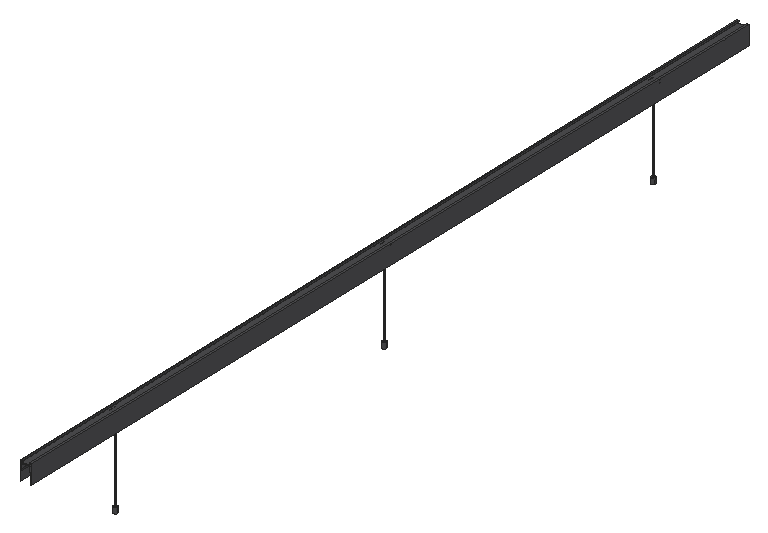
Revit family "Track_Baso_Pendant-with-Uplight", category Lighting Fixtures, host Face, Revit 2020
Family settings
  Host = Face
  Round Connector Dimension = Use Diameter
  Part Type = Normal
  OmniClass Number = 23.80.70.11.17
  OmniClass Title = Specialized Lighting by Location or Use
  Cut with Voids When Loaded = No
  Light Source = No
  Shared = No
  Room Calculation Point = No
Parameters (values of type "R2 Track - Custom Length")
  Warranty URL = "https://www.basolighting.com/images/pdfs-content/BASO_INC-warranty.pdf"
  Placement Back Side [instance] = no
  Type Comments = ""
  Supply from R-Line Track [instance] = no
  Step [instance] = if(and(or(Length < 10' 0", Length = 10' 0"), Length > 6' 0"), Length * 0.375, if(and(R1 Track Visibility, Length > 10' 0"), 4' 5", if(or(Length < 6' 0", Length = 6' 0"), Length * 0.75, 3' 0")))  # 3' - 9"
  Supply from R-Line Power Supply [instance] = not([Supply from R-Line Track])  # yes
  R1&R2 Secondary Track Front Side Right Turn [instance] = and(R1 Track Visibility, and(not(Front Side Joint = Front Side None), or(Front Side Joint = Front Side Right Turn M 90, Front Side Joint = Front Side Right Turn R 18, Front Side Joint = Front Side Right Turn R 24, Front Side Joint = Front Side Right Turn R 36, Front Side Joint = Front Side Right Turn R 18 XX, Front Side Joint = Front Side Right Turn R 24 XX, Front Side Joint = Front Side Right Turn R 36 XX)))  # no
  R1&R2 Secondary Track Front Side Left Turn [instance] = and(R1 Track Visibility, and(not(Front Side Joint = Front Side None), or(Front Side Joint = Front Side Left Turn M 90, Front Side Joint = Front Side Left Turn R 18, Front Side Joint = Front Side Left Turn R 24, Front Side Joint = Front Side Left Turn R 36, Front Side Joint = Front Side Left Turn R 18 XX, Front Side Joint = Front Side Left Turn R 24 XX, Front Side Joint = Front Side Left Turn R 36 XX)))  # no
  R1&R2 Secondary Track Back Side Right Turn [instance] = and(R1 Track Visibility, and(not(Back Side Joint = Back Side None), or(Back Side Joint = Back Side Right Turn M 90, Back Side Joint = Back Side Right Turn R 18, Back Side Joint = Back Side Right Turn R 24, Back Side Joint = Back Side Right Turn R 36, Back Side Joint = Back Side Right Turn R 18 XX, Back Side Joint = Back Side Right Turn R 24 XX, Back Side Joint = Back Side Right Turn R 36 XX)))  # no
  R1&R2 Secondary Track Back Side Left Turn [instance] = and(R1 Track Visibility, and(not(Back Side Joint = Back Side None), or(Back Side Joint = Back Side Left Turn M 90, Back Side Joint = Back Side Left Turn R 18, Back Side Joint = Back Side Left Turn R 24, Back Side Joint = Back Side Left Turn R 36, Back Side Joint = Back Side Left Turn R 18 XX, Back Side Joint = Back Side Left Turn R 24 XX, Back Side Joint = Back Side Left Turn R 36 XX)))  # no
  R1 Track Visibility = or(Track Model R = 4, Track Model R = 5)  # yes
  R1 Front End Cap Visibility [instance] = and(and(Front side end cap, Front Side Joint = Front Side None), or(Track Model R = 4, Track Model R = 5))  # no
  R1  Back End Cap Visibility [instance] = and(and(Back side end cap, Back Side Joint = Back Side None), or(Track Model R = 4, Track Model R = 5))  # no
  Quantity [instance] = if(Length < 7' 0", Length / Step + 1, if(R1 Track Visibility, Length / Step, Length / Step))  # 3
  Power Factor = 1
  Placement Front Side [instance] = not(Placement Back Side)  # yes
  Performance URL = "https://www.basolighting.com/products"
  Pendant Hardware Material [instance] = Baso - Metal - Black (RAL 9005)
  Offset for insert [instance] = if(Placement Back Side, Length, 0' 0")  # 0' - 0"
  Offset for indirect tracks type = if(R1 Track Visibility, 0' 0 37/128", 0' 0 37/128")  # 0' - 0 37/128"
  Offset for direct tracks type = if(R1 Track Visibility, 0' 0 37/128", 0' 0 37/128")  # 0' - 0 37/128"
  Note for custom back side  joint [instance] = "This parameter is set angle for custom joints, that have XX in the name"  # constant formula
  Note for custom front side joint [instance] = "This parameter is set angle for custom joints, that have XX in the name"  # constant formula
  Note for available colors [instance] = "Housing, available in white, black and custom colors. Pendant hardware available in white and black colors. For custom color, please contact Baso."  # constant formula
  Nominal Type Length = 4' - 0"
  Voltage = 48 V
  URL = "https://www.basolighting.com/"
  Product data url = ""
  Product Page URL = "https://www.basolighting.com/r-line"
  Product Documentation Link = "https://www.basolighting.com/images/resources/r-line/cut-sheet/R-LINE%20TRACK/01_Recessed_Surface_Pendant/Track.pdf"
  Model = "Pendant R-Line"  # constant formula
  Manufacturer Phone Number = "203.262.9990"
  Manufacturer Email = "mailto:Service@basolighting.com"
  Manufacturer Address = "133 W 19th Street New York, NY 10011"
  Manufacturer = "BASO Inc."
  Length of Main Unit for Custom Length Type [instance] = 10' - 0"
  Length [instance] = Length Dimensions  # 10' - 0"
  Instruction Sheet Link = "https://www.basolighting.com/images/resources/r-line/mounting-instruction/R-LINE/Pendant/RLINE-pendant-MI.pdf"
  Installation Height [instance] = 1' - 0"
  Indirect Plane Offset = if(R1 Track Visibility, 0' 0 37/128", 0' 0 37/128")  # 0' - 0 37/128"
  Indirect Placemenet Line [instance] = R1 Track Visibility  # yes
  Height = if(or(Track Model R = 1, Track Model R = 4), 0' 1 1/2", if(or(Track Model R = 2, Track Model R = 5), 0' 2 1/2", 0' 2 1/2"))  # 0' - 2 1/2"
  Front side end cap [instance] = no
  Front Unit Right Turn [instance] = and(not(Front Side Joint = Front Side None), R1&R2 Secondary Track Front Side Right Turn)  # no
  Front Unit Left Turn [instance] = and(not(Front Side Joint = Front Side None), R1&R2 Secondary Track Front Side Left Turn)  # no
  Front Side Right Turn R 36 XX = Joint type : Right Turn - R 36 / XX
  Front Side Right Turn R 24 XX = Joint type : Right Turn - R 24 /XX
  Front Side M 90 [instance] = or(Front Side Joint = Front Side Right Turn M 90, Front Side Joint = Front Side Left Turn M 90)  # no
  Front Side Left Turn R 36 XX = Joint type : Left Turn - R 36 / XX
  Front Side Left Turn R 24 XX = Joint type : Left Turn - R 24 / XX
  Distance from End [instance] = Length * 0.125  # 1' - 3"
  Connector Position Angle [instance] = if([Supply from R-Line Track], 90.00°, 0.00°)  # 0.00°
  Connector Offset Y [instance] = if(and([Supply from R-Line Track], R1 Track Visibility), Height Checker + 0' 0 89/256", 0' 0")  # 0' - 0"
  Connector Offset X [instance] = if([Supply from R-Line Track], Length, Distance from End)  # 1' - 3"
  Back side end cap [instance] = no
  Back Unit Right Turn [instance] = and(not(Back Side Joint = Back Side None), R1&R2 Secondary Track Back Side Right Turn)  # no
  Back Unit Left Turn [instance] = and(not(Back Side Joint = Back Side None), R1&R2 Secondary Track Back Side Left Turn)  # no
  Back Side Right Turn R 36 XX = Joint type : Right Turn - R 36 / XX
  Back Side Right Turn R 24 XX = Joint type : Right Turn - R 24 /XX
  Back Side Right Turn R 18 XX = Joint type : Right Turn - R 18 /XX
  Back Side Right Turn R 24 = Joint type : Right Turn - R 24
  Back Side Right Turn M 90 = Joint type : Right Turn - M 90
  Back Side M 90 [instance] = or(Back Side Joint = Back Side Right Turn M 90, Back Side Joint = Back Side Left Turn M 90)  # no
  Back Side Left Turn R 36 XX = Joint type : Left Turn - R 36 / XX
  Back Side Left Turn R 24 XX = Joint type : Left Turn - R 24 / XX
  Back Side Left Turn M 90 = Joint type : Left Turn - M 90
  Back Side Right Turn R 36 = Joint type : Right Turn - R 36
  Back Side Right Turn R 18 = Joint type : Right Turn - R 18
  Back Side Left Turn R 18 XX = Joint type : Left Turn - R 18 / XX
  Back Side None = Joint type : None
  Back Side Joint [instance] = Joint type : None
  Field Cut = "Field Cuttable Track"  # constant formula
  Lenght Checker [instance] = if(Length of Main Unit for Custom Length Type > 1' 0", Length of Main Unit for Custom Length Type, 1' 0")  # 10' - 0"
  Custom Checker = yes
  Dimmining = "0 - 10V"
  Description = "R-LINE is the next generation of low voltage track systems. Our patented technology allows you to place track heads, louver spots and curved linear insets into the curved corner of the track."  # constant formula
  CCEA = "CCEA Rated(Chicago Plenum)"  # constant formula
  Blind Covers = "Blind Cover 1' flush with R1 track"  # constant formula
  Front Side Right Turn R 18 XX = Joint type : Right Turn - R 18 /XX
  Front Side Right Turn R 36 = Joint type : Right Turn - R 36
  Front Side Right Turn R 24 = Joint type : Right Turn - R 24
  Front Side Right Turn R 18 = Joint type : Right Turn - R 18
  Front Side Right Turn M 90 = Joint type : Right Turn - M 90
  Front Side None = Joint type : None
  Front Side Left Turn R 18 XX = Joint type : Left Turn - R 18 / XX
  Front Side Left Turn R 36 = Joint type : Left Turn - R 36
  Front Side Left Turn R 24 = Joint type : Left Turn - R 24
  Front Side Left Turn R 18 = Joint type : Left Turn - R 18
  Front Side Left Turn M 90 = Joint type : Left Turn - M 90
  Front Side Joint [instance] = Joint type : None
  Front Angle Checker [instance] = if(Angle for custom joint on the front side > 179.00°, 179.00°, if(Angle for custom joint on the front side < 15.00°, 15.00°, if(Angle for custom joint on the front side > 15.00°, Angle for custom joint on the front side, if(Angle for custom joint on the front side < 179.00°, Angle for custom joint on the front side, 90.00°))))  # 90.00°
  Back Angle Checker [instance] = if(Angle for custom joint on the back side > 179.00°, 179.00°, if(Angle for custom joint on the back side < 15.00°, 15.00°, if(Angle for custom joint on the back side > 15.00°, Angle for custom joint on the back side, if(Angle for custom joint on the back side < 179.00°, Angle for custom joint on the back side, 90.00°))))  # 90.00°
  Product Material [instance] = Baso - Metal - Black (RAL 9005)
  Pendant Cable Height [instance] = Height Checker - 0' 0 67/256"  # 0' - 11 189/256"
  Track Model R = 5
  Length Dimensions [instance] = if(not(Custom Checker), Nominal Type Length, if(Custom Checker, Lenght Checker, 4' 0"))  # 10' - 0"
  Back Side Left Turn R 36 = Joint type : Left Turn - R 36
  Height Checker [instance] = if(Installation Height < 0' 4 1/4", 0' 4 1/4", Installation Height)  # 1' - 0"
  Back Side Left Turn R 18 = Joint type : Left Turn - R 18
  Annotation Front/Back [instance] = yes
  Angle for custom joint on the back side [instance] = 90.00°
  Default Elevation = 4' - 0"
  Angle for custom joint on the front side [instance] = 90.00°
  Curved Radius of Unit Front [instance] = if(or(Front Side Joint = Front Side Left Turn R 18, Front Side Joint = Front Side Right Turn R 18, Front Side Joint = Front Side Left Turn R 18 XX, Front Side Joint = Front Side Right Turn R 18 XX), 1' 6", if(or(Front Side Joint = Front Side Right Turn R 24, Front Side Joint = Front Side Left Turn R 24, Front Side Joint = Front Side Right Turn R 24 XX, Front Side Joint = Front Side Left Turn R 24 XX), 2' 0", if(or(Front Side Joint = Front Side Right Turn R 36, Front Side Joint = Front Side Left Turn R 36, Front Side Joint = Front Side Right Turn R 36 XX, Front Side Joint = Front Side Left Turn R 36 XX), 3' 0", 1' 6")))  # 1' - 6"
  Curved Radius of Unit Back [instance] = if(or(Back Side Joint = Back Side Left Turn R 18, Back Side Joint = Back Side Right Turn R 18, Back Side Joint = Back Side Left Turn R 18 XX, Back Side Joint = Back Side Right Turn R 18 XX), 1' 6", if(or(Back Side Joint = Back Side Right Turn R 24, Back Side Joint = Back Side Left Turn R 24, Back Side Joint = Back Side Right Turn R 24 XX, Back Side Joint = Back Side Left Turn R 24 XX), 2' 0", if(or(Back Side Joint = Back Side Right Turn R 36, Back Side Joint = Back Side Left Turn R 36, Back Side Joint = Back Side Right Turn R 36 XX, Back Side Joint = Back Side Left Turn R 36 XX), 3' 0", 1' 6")))  # 1' - 6"
  Back Side Left Turn R 24 = Joint type : Left Turn - R 24
  Apparent Load = 0 VA
  Angle Back Unit [instance] = if(or(Back Side Joint = Back Side Right Turn R 18 XX, Back Side Joint = Back Side Left Turn R 18 XX, Back Side Joint = Back Side Left Turn R 24 XX, Back Side Joint = Back Side Right Turn R 24 XX, Back Side Joint = Back Side Left Turn R 36 XX, Back Side Joint = Back Side Right Turn R 36 XX), Back Angle Checker, 90.00°)  # 90.00°
  Angle Front Unit [instance] = if(or(Front Side Joint = Front Side Right Turn R 18 XX, Front Side Joint = Front Side Left Turn R 18 XX, Front Side Joint = Front Side Left Turn R 24 XX, Front Side Joint = Front Side Right Turn R 24 XX, Front Side Joint = Front Side Left Turn R 36 XX, Front Side Joint = Front Side Right Turn R 36 XX), Front Angle Checker, 90.00°)  # 90.00°
  2D Front Unit Right Turn [instance] = and(not(Front Side Joint = Front Side None), and(not([2D Front Side Right Turn M 90]), R1&R2 Secondary Track Front Side Right Turn))  # no
  2D Front Unit Left Turn [instance] = and(not(Front Side Joint = Front Side None), and(not([2D Front Side Left Turn M 90]), R1&R2 Secondary Track Front Side Left Turn))  # no
  2D Front Side Left Turn M 90 [instance] = Front Side Joint = Front Side Left Turn M 90  # no
  2D Front Side Right Turn M 90 [instance] = Front Side Joint = Front Side Right Turn M 90  # no
  2D Back Unit Right Turn [instance] = and(not(Back Side Joint = Back Side None), and(not([2D Back Side Right Turn M 90]), R1&R2 Secondary Track Back Side Right Turn))  # no
  2D Back Unit Left Turn [instance] = and(not(Back Side Joint = Back Side None), and(not([2D Back Side Left Turn M 90]), R1&R2 Secondary Track Back Side Left Turn))  # no
  2D Back Side Right Turn M 90 [instance] = Back Side Joint = Back Side Right Turn M 90  # no
  2D Back Side Left Turn M 90 [instance] = Back Side Joint = Back Side Left Turn M 90  # no
Reference planes
  plane 1 "Center (Front/Back)": y = 0
  plane 2: z = 0
  plane 3 "Center (Left/Right)": x = 0
  plane 4: y = -3048
  plane 5: z = 304.8
  plane 6: y = -381
  plane 7: y = -1524
  plane 8: y = -381
  plane 9 "Fixture Alignment Plane for Indirect R1/R2/R3 Track": z = 312.142
  plane 10 "Fixture Alignment Plane R1/R2/R3 Track": z = 312.142
  plane 11: y = 0
  plane 12: y = -2667
Forms (mm)
  Sweep 1, solid, material "Baso - Metal - Black (RAL 9005)" <- "Product Material", visible <- "R1&R2 Secondary Track Front Side Left Turn", detail levels medium+fine
    path origin (-1387.912, -4572, 304.8) x (-1, 0, 0) y (0, -1, 0)
      loop
        arc (-1387.912, -4572) -> (-1254.001, -4895.289) -> (-930.712, -5029.2) r 457.2
    profile origin (-133.911, 323.289, 304.8) x (-0.707107, -0.707107, 0) y (0, 0, 1)
      loop
        line (19.083, -46.881) -> (19.083, 16.619) -> (12.733, 16.619) -> (12.733, 14.601) -> (17.064, 14.601) -> (17.064, 9.319) -> (-16.999, 9.319) -> (-16.999, 14.601) -> (-12.667, 14.601) -> (-12.667, 16.619) -> (-19.017, 16.619) -> (-19.017, -46.881) -> (-16.999, -46.881) -> (-16.999, -16.199) -> (-12.667, -11.037) -> (-12.667, 2.018) -> (-16.999, 2.018) -> (-16.999, 7.3) -> (17.064, 7.3) -> (17.064, 2.018) -> (12.733, 2.018) -> (12.733, -11.037) -> (17.064, -16.199) -> (17.064, -46.881) -> (19.083, -46.881)
  Sweep 2, solid, material "Baso - Metal - Black (RAL 9005)" <- "Product Material", visible <- "R1&R2 Secondary Track Front Side Right Turn", detail levels coarse
    path origin (-1387.912, -4572, 304.8) x (-1, 0, 0) y (0, -1, 0)
      loop
        arc (-1845.112, -5029.2) -> (-1521.823, -4895.289) -> (-1387.912, -4572) r 457.2
    profile origin (133.911, 323.289, 304.8) x (0.707107, -0.707107, 0) y (0, 0, 1)
      loop
        line (19.083, -46.881) -> (19.083, 16.619) -> (12.733, 16.619) -> (12.733, 14.601) -> (17.064, 14.601) -> (17.064, 9.319) -> (-16.999, 9.319) -> (-16.999, 14.601) -> (-12.667, 14.601) -> (-12.667, 16.619) -> (-19.017, 16.619) -> (-19.017, -46.881) -> (-16.999, -46.881) -> (-16.999, 7.3) -> (17.064, 7.3) -> (17.064, -46.881) -> (19.083, -46.881)
  Sweep 3, solid, material "Baso - Metal - Black (RAL 9005)" <- "Product Material", visible <- "R1&R2 Secondary Track Back Side Right Turn", detail levels coarse
    path origin (-1387.912, -4572, 304.8) x (-1, 0, 0) y (0, -1, 0)
      loop
        arc (-1387.912, -1524) -> (-1521.823, -1200.711) -> (-1845.112, -1066.8) r 457.2
    profile origin (133.911, -3371.289, 304.8) x (0.707107, 0.707107, 0) y (0, 0, 1)
      loop
        line (19.083, -46.881) -> (19.083, 16.619) -> (12.733, 16.619) -> (12.733, 14.601) -> (17.064, 14.601) -> (17.064, 9.319) -> (-16.999, 9.319) -> (-16.999, 14.601) -> (-12.667, 14.601) -> (-12.667, 16.619) -> (-19.017, 16.619) -> (-19.017, -46.881) -> (-16.999, -46.881) -> (-16.999, 7.3) -> (17.064, 7.3) -> (17.064, -46.881) -> (19.083, -46.881)
  Sweep 4, solid, material "Baso - Metal - Black (RAL 9005)" <- "Product Material", visible <- "R1&R2 Secondary Track Back Side Left Turn", detail levels coarse
    path origin (-1387.912, -4572, 304.8) x (-1, 0, 0) y (0, -1, 0)
      loop
        arc (-930.712, -1066.8) -> (-1254.001, -1200.711) -> (-1387.912, -1524) r 457.2
    profile origin (-133.911, -3371.289, 304.8) x (-0.707107, 0.707107, 0) y (0, 0, 1)
      loop
        line (19.083, -46.881) -> (19.083, 16.619) -> (12.733, 16.619) -> (12.733, 14.601) -> (17.064, 14.601) -> (17.064, 9.319) -> (-16.999, 9.319) -> (-16.999, 14.601) -> (-12.667, 14.601) -> (-12.667, 16.619) -> (-19.017, 16.619) -> (-19.017, -46.881) -> (-16.999, -46.881) -> (-16.999, 7.3) -> (17.064, 7.3) -> (17.064, -46.881) -> (19.083, -46.881)
  Sweep 5, solid, material "Baso - Metal - Black (RAL 9005)" <- "Product Material", visible <- "R1&R2 Secondary Track Back Side Left Turn", detail levels medium+fine
    path origin (-1387.912, -4572, 304.8) x (-1, 0, 0) y (0, -1, 0)
      loop
        arc (-930.712, -1066.8) -> (-1254.001, -1200.711) -> (-1387.912, -1524) r 457.2
    profile origin (-133.911, -3371.289, 304.8) x (-0.707107, 0.707107, 0) y (0, 0, 1)
      loop
        line (19.083, -46.881) -> (19.083, 16.619) -> (12.733, 16.619) -> (12.733, 14.601) -> (17.064, 14.601) -> (17.064, 9.319) -> (-16.999, 9.319) -> (-16.999, 14.601) -> (-12.667, 14.601) -> (-12.667, 16.619) -> (-19.017, 16.619) -> (-19.017, -46.881) -> (-16.999, -46.881) -> (-16.999, -16.199) -> (-12.667, -11.037) -> (-12.667, 2.018) -> (-16.999, 2.018) -> (-16.999, 7.3) -> (17.064, 7.3) -> (17.064, 2.018) -> (12.733, 2.018) -> (12.733, -11.037) -> (17.064, -16.199) -> (17.064, -46.881) -> (19.083, -46.881)
  Sweep 6, solid, material "Baso - Metal - Black (RAL 9005)" <- "Product Material", visible <- "R1&R2 Secondary Track Front Side Right Turn", detail levels medium+fine
    path origin (-1387.912, -4572, 304.8) x (-1, 0, 0) y (0, -1, 0)
      loop
        arc (-1845.112, -5029.2) -> (-1521.823, -4895.289) -> (-1387.912, -4572) r 457.2
    profile origin (133.911, 323.289, 304.8) x (0.707107, -0.707107, 0) y (0, 0, 1)
      loop
        line (19.083, -46.881) -> (19.083, 16.619) -> (12.733, 16.619) -> (12.733, 14.601) -> (17.064, 14.601) -> (17.064, 9.319) -> (-16.999, 9.319) -> (-16.999, 14.601) -> (-12.667, 14.601) -> (-12.667, 16.619) -> (-19.017, 16.619) -> (-19.017, -46.881) -> (-16.999, -46.881) -> (-16.999, -16.199) -> (-12.667, -11.037) -> (-12.667, 2.018) -> (-16.999, 2.018) -> (-16.999, 7.3) -> (17.064, 7.3) -> (17.064, 2.018) -> (12.733, 2.018) -> (12.733, -11.037) -> (17.064, -16.199) -> (17.064, -46.881) -> (19.083, -46.881)
  Sweep 7, solid, material "Baso - Metal - Black (RAL 9005)" <- "Product Material", visible <- "R1&R2 Secondary Track Back Side Right Turn", detail levels medium+fine
    path origin (-1387.912, -4572, 304.8) x (-1, 0, 0) y (0, -1, 0)
      loop
        arc (-1387.912, -1524) -> (-1521.823, -1200.711) -> (-1845.112, -1066.8) r 457.2
    profile origin (133.911, -3371.289, 304.8) x (0.707107, 0.707107, 0) y (0, 0, 1)
      loop
        line (19.083, -46.881) -> (19.083, 16.619) -> (12.733, 16.619) -> (12.733, 14.601) -> (17.064, 14.601) -> (17.064, 9.319) -> (-16.999, 9.319) -> (-16.999, 14.601) -> (-12.667, 14.601) -> (-12.667, 16.619) -> (-19.017, 16.619) -> (-19.017, -46.881) -> (-16.999, -46.881) -> (-16.999, -16.199) -> (-12.667, -11.037) -> (-12.667, 2.018) -> (-16.999, 2.018) -> (-16.999, 7.3) -> (17.064, 7.3) -> (17.064, 2.018) -> (12.733, 2.018) -> (12.733, -11.037) -> (17.064, -16.199) -> (17.064, -46.881) -> (19.083, -46.881)
  Extrusion 8, solid, material "Baso - Metal - Black (RAL 9005)" <- "Product Material", not visible
    sketch origin (0, -0.021, 232.471) x (-1, 0, 0) y (0, 0, -1)
      loop
        line (19.05, -25.4) -> (-19.05, -25.4) -> (-19.05, -88.9) -> (19.05, -88.9) -> (19.05, -25.4)
    from 3047.979 to 3052.826
  Extrusion 9, solid, material "Baso - Metal - Black (RAL 9005)" <- "Product Material", visible <- "R1  Back End Cap Visibility"
    sketch origin (0, -1828.821, 226.121) x (-1, 0, 0) y (0, 0, -1)
      loop
        line (19.05, -31.798) -> (-19.05, -31.798) -> (-19.05, -95.25) -> (19.05, -95.25) -> (19.05, -31.798)
    from 1219.179 to 1224.026
  Sweep 10, solid, material "Baso - Metal - Black (RAL 9005)" <- "Product Material", visible <- "R1&R2 Secondary Track Front Side Left Turn", detail levels coarse
    path origin (-1387.912, -4572, 304.8) x (-1, 0, 0) y (0, -1, 0)
      loop
        arc (-1387.912, -4572) -> (-1254.001, -4895.289) -> (-930.712, -5029.2) r 457.2
    profile origin (-133.911, 323.289, 304.8) x (-0.707107, -0.707107, 0) y (0, 0, 1)
      loop
        line (19.083, -46.881) -> (19.083, 16.619) -> (12.733, 16.619) -> (12.733, 14.601) -> (17.064, 14.601) -> (17.064, 9.319) -> (-16.999, 9.319) -> (-16.999, 14.601) -> (-12.667, 14.601) -> (-12.667, 16.619) -> (-19.017, 16.619) -> (-19.017, -46.881) -> (-16.999, -46.881) -> (-16.999, 7.3) -> (17.064, 7.3) -> (17.064, -46.881) -> (19.083, -46.881)
  Extrusion 11, solid, material "Baso - Metal - Black (RAL 9005)" <- "Product Material", not visible
    sketch origin (0, 1224.026, 232.471) x (-1, 0, 0) y (0, 0, -1)
      loop
        line (19.05, -25.4) -> (-19.05, -25.4) -> (-19.05, -88.9) -> (19.05, -88.9) -> (19.05, -25.4)
    from 1219.179 to 1224.026
  Extrusion 12, solid, material "Baso - Metal - Black (RAL 9005)" <- "Product Material", visible <- "R1 Front End Cap Visibility"
    sketch origin (0, -0.021, -0.048) x (0, 1, 0) y (0, 0, 1)
      loop
        line (4.868, 321.419) -> (0.021, 321.419) -> (0.021, 257.967) -> (4.868, 257.967) -> (4.868, 321.419)
    from -19.05 to 19.05
  Extrusion 13, solid, not visible
    sketch origin (0, -381, 0) x (0, 0, 1) y (0, -1, 0)
      loop
        line (6.158, -7.156) -> (6.158, 7.183) -> (0, 7.183) -> (0, -7.156) -> (6.158, -7.156)
    from -12.7 to 12.7
  Sweep 14, solid, material "Baso - Metal - Black (RAL 9005)" <- "Product Material", visible <- "R1 Track Visibility", detail levels medium+fine
    path origin (-1387.912, -4572, 304.8) x (-1, 0, 0) y (0, -1, 0)
      loop
        line (-1387.912, -4572) -> (-1387.912, -1524)
    profile origin (0, -1524, 304.8) x (1, 0, 0) y (0, 0, 1)
      loop
        line (-17.032, -16.199) -> (-12.7, -11.037) -> (-12.7, 2.018) -> (-17.032, 2.018) -> (-17.032, 7.3) -> (17.032, 7.3) -> (17.032, 2.018) -> (12.7, 2.018) -> (12.7, -11.037) -> (17.032, -16.199) -> (17.032, -46.881) -> (19.05, -46.881) -> (19.05, 16.619) -> (12.7, 16.619) -> (12.7, 14.601) -> (17.032, 14.601) -> (17.032, 9.75) -> (-17.032, 9.75) -> (-17.032, 14.601) -> (-12.7, 14.601) -> (-12.7, 16.619) -> (-19.05, 16.619) -> (-19.05, -46.881) -> (-17.032, -46.881) -> (-17.032, -16.199)
  Sweep 15, solid, material "Baso - Metal - Black (RAL 9005)" <- "Product Material", visible <- "R1 Track Visibility", detail levels coarse
    path origin (-1387.912, -4572, 304.8) x (-1, 0, 0) y (0, -1, 0)
      loop
        line (-1387.912, -4572) -> (-1387.912, -1524)
    profile origin (0, -1524, 304.8) x (1, 0, 0) y (0, 0, 1)
      loop
        line (-17.032, 7.3) -> (17.032, 7.3) -> (17.032, -46.881) -> (19.05, -46.881) -> (19.05, 16.619) -> (12.7, 16.619) -> (12.7, 14.601) -> (17.032, 14.601) -> (17.032, 9.75) -> (-17.032, 9.75) -> (-17.032, 14.601) -> (-12.7, 14.601) -> (-12.7, 16.619) -> (-19.05, 16.619) -> (-19.05, -46.881) -> (-17.032, -46.881) -> (-17.032, 7.3)
Lines and regions (mm)
  reference lines
    curve 1: line (0, -381, 0) -> (0, -381, 97.956)
    curve 2: line (0, 74.37, 0) -> (0, -3048, 0)
  symbolic lines, style "Fixture Alignment Line", not visible
    curve 3: line (0, 0, 312.142) -> (0, -3048, 312.142)
  symbolic lines, style "Fixture Alignment Indirect Type Line", visible <- "Indirect Placemenet Line"
    curve 4: line (0, 0, 312.142) -> (0, -3048, 312.142)
    curve 5: line (0, 0, 312.142) -> (0, -3048, 312.142)
Dimensions and locks
  "Height Checker": plane 5 to level
  locked: Extrusion 8 to Extrusion 8 at 4.847
  locked: Extrusion 9 to Extrusion 9 at 4.847
  locked: Extrusion 11 to Extrusion 11 at 4.847
  locked: profile plane to Sweep 5 sketch curve at 16.199  (x2)
  "Height": Sweep 5 sketch curve to Sweep 5 sketch curve  (x2)
  locked: Sweep 5 sketch curve to profile plane at 16.619  (x2)
  locked: Sweep 4 sketch curve to profile plane at 16.619  (x2)
  "Height": Sweep 4 sketch curve to Sweep 4 sketch curve  (x2)
  locked: profile plane to Sweep 7 sketch curve at 16.199  (x2)
  locked: Sweep 7 sketch curve to profile plane at 16.619  (x2)
  "Height": Sweep 7 sketch curve to Sweep 7 sketch curve  (x2)
  locked: Sweep 3 sketch curve to profile plane at 16.619  (x2)
  "Height": Sweep 3 sketch curve to Sweep 3 sketch curve  (x2)
  locked: profile plane to Sweep 6 sketch curve at 16.199  (x2)
  "Height": Sweep 6 sketch curve to Sweep 6 sketch curve  (x2)
  locked: Sweep 6 sketch curve to profile plane at 16.619  (x2)
  locked: Sweep 2 sketch curve to profile plane at 16.619  (x2)
  "Height": Sweep 2 sketch curve to Sweep 2 sketch curve  (x2)
  locked: Sweep 1 sketch curve to profile plane at 16.619  (x2)
  "Height": Sweep 1 sketch curve to Sweep 1 sketch curve  (x2)
  locked: profile plane to Sweep 1 sketch curve at 16.199  (x2)
  locked: Sweep 10 sketch curve to profile plane at 16.619  (x2)
  "Height": Sweep 10 sketch curve to Sweep 10 sketch curve  (x2)
  "Length": plane 4 to plane 1 "Center (Front/Back)"
  equal spacing: group 1, group 2, group 3  (x2)
  equal spacing: group 3, group 2, group 1
  "Distance from End": plane 1 "Center (Front/Back)" to plane 6
  "Step": plane 6 to plane 7
  "Connector Offset X": plane 1 "Center (Front/Back)" to plane 8
  "Offset for direct tracks type": plane 10 "Fixture Alignment Plane R1/R2/R3 Track" to plane 5
  "Offset for indirect tracks type": plane 9 "Fixture Alignment Plane for Indirect R1/R2/R3 Track" to plane 5
  Sweep 14 sketch curve to Sweep 14 sketch curve to profile plane to Sweep 14 sketch curve to Sweep 14 sketch curve to Sweep 14 sketch curve to Sweep 14 sketch curve = 0' - 0" locked, 0' - 0.6543" locked, 0' - 0.43452" locked, 0' - 0" locked, 0' - 0.20323" locked, 0' - 0" locked
  "Height": Sweep 14 sketch curve to Sweep 14 sketch curve  (x2)
  "Offset for insert": plane 1 "Center (Front/Back)" to plane 11
  "Connector Offset Y": level to curve 2
  Sweep 14 sketch curve to Sweep 14 sketch curve to profile plane = 0' - 0" locked, 0' - 0.07946" locked
  "Curved Radius of Unit Front": radius of Sweep 1 sketch curve
  "Curved Radius of Unit Front": radius of Sweep 2 sketch curve
  "Curved Radius of Unit Back": radius of Sweep 3 sketch curve
  "Curved Radius of Unit Back": radius of Sweep 4 sketch curve
  "Curved Radius of Unit Back": radius of Sweep 5 sketch curve
  "Curved Radius of Unit Front": radius of Sweep 6 sketch curve
  "Curved Radius of Unit Back": radius of Sweep 7 sketch curve
  "Curved Radius of Unit Front": radius of Sweep 10 sketch curve
  "Angle Front Unit": angle Sweep 1 sketch curve to Sweep 1 sketch curve
  "Angle Front Unit": angle Sweep 2 sketch curve to Sweep 2 sketch curve
  "Angle Back Unit": angle Sweep 3 sketch curve to Sweep 3 sketch curve
  "Angle Back Unit": angle Sweep 4 sketch curve to Sweep 4 sketch curve
  "Angle Back Unit": angle Sweep 5 sketch curve to Sweep 5 sketch curve
  "Angle Front Unit": angle Sweep 6 sketch curve to Sweep 6 sketch curve
  "Angle Back Unit": angle Sweep 7 sketch curve to Sweep 7 sketch curve
  "Angle Front Unit": angle Sweep 10 sketch curve to Sweep 10 sketch curve
  "Connector Position Angle": angle plane 8 to curve 1
  aligned and locked: host face to plane 2
  aligned and locked: host face to level
  aligned and locked: Extrusion 9 to plane 4
  aligned and locked: Extrusion 8 to plane 4
  aligned and locked: plane 1 "Center (Front/Back)" to Sweep 10 sketch curve
  aligned and locked: plane 1 "Center (Front/Back)" to Sweep 1 sketch curve
  aligned and locked: plane 1 "Center (Front/Back)" to Sweep 6 sketch curve
  aligned and locked: plane 1 "Center (Front/Back)" to Sweep 2 sketch curve
  aligned and locked: curve 1 to plane 8
  aligned and locked: curve 2 to curve 1
  aligned and locked: curve 3 to plane 10 "Fixture Alignment Plane R1/R2/R3 Track"
  aligned and locked: plane 1 "Center (Front/Back)" to curve 3
  aligned and locked: plane 4 to curve 3
  aligned and locked: plane 1 "Center (Front/Back)" to curve 4
  aligned and locked: plane 4 to curve 4
  aligned and locked: curve 4 to plane 9 "Fixture Alignment Plane for Indirect R1/R2/R3 Track"
  aligned and locked: plane 1 "Center (Front/Back)" to Sweep 14 sketch curve
  aligned and locked: plane 4 to Sweep 14 sketch curve
  aligned and locked: plane 1 "Center (Front/Back)" to Sweep 15 sketch curve
  aligned and locked: plane 4 to Sweep 15 sketch curve
  aligned and locked: Sweep 15 sketch curve to Sweep 14  (x16)
  aligned and locked: plane 1 "Center (Front/Back)" to curve 5
  aligned and locked: plane 4 to curve 5
  aligned and locked: curve 5 to plane 9 "Fixture Alignment Plane for Indirect R1/R2/R3 Track"
  aligned and locked: nested 5 to plane 4
  aligned and locked: Extrusion 12 to Sweep 15
  aligned and locked: Extrusion 9 to Sweep 15
Automatic sketch dimensions
  host sketch curve to host sketch curve = 12' - 0"  (x2)
  plane 3 "Center (Left/Right)" to Extrusion 8 sketch curve = 0' - 0 3/4"
  plane 9 "Fixture Alignment Plane for Indirect R1/R2/R3 Track" to Extrusion 8 sketch curve = 0' - 0.36334"
  Extrusion 8 sketch curve to plane 3 "Center (Left/Right)" = 0' - 0 3/4"
  Extrusion 8 sketch curve to plane 5 = 0' - 1.8476"
  plane 3 "Center (Left/Right)" to Extrusion 9 sketch curve = 0' - 0 3/4"
  plane 9 "Fixture Alignment Plane for Indirect R1/R2/R3 Track" to Extrusion 9 sketch curve = 0' - 0.36334"
  Extrusion 9 sketch curve to plane 3 "Center (Left/Right)" = 0' - 0 3/4"
  Extrusion 9 sketch curve to plane 5 = 0' - 1.8457"
  plane 3 "Center (Left/Right)" to Extrusion 11 sketch curve = 0' - 0 3/4"
  plane 9 "Fixture Alignment Plane for Indirect R1/R2/R3 Track" to Extrusion 11 sketch curve = 0' - 0.36334"
  Extrusion 11 sketch curve to plane 3 "Center (Left/Right)" = 0' - 0 3/4"
  Extrusion 11 sketch curve to plane 5 = 0' - 1.8476"
  Extrusion 12 sketch curve to plane 1 "Center (Front/Back)" = 0' - 0"
  Extrusion 12 sketch curve to Extrusion 12 sketch curve = 0' - 0.19082"
  Extrusion 12 sketch curve to plane 5 = 0' - 1.8457"
  plane 9 "Fixture Alignment Plane for Indirect R1/R2/R3 Track" to Extrusion 12 sketch curve = 0' - 0.36334"
  curve 1 to Extrusion 13 sketch curve = 0' - 0"
  Extrusion 13 sketch curve to curve 1 = 0' - 0.28174"
  curve 1 to Extrusion 13 sketch curve = 0' - 0.28281"
  Extrusion 13 sketch curve to Extrusion 13 sketch curve = 0' - 0.24244"
  Sweep 14 sketch curve to plane 3 "Center (Left/Right)" = 0' - 0"
  Sweep 15 sketch curve to plane 3 "Center (Left/Right)" = 0' - 0"
  curve 3 to plane 10 "Fixture Alignment Plane R1/R2/R3 Track" = 0' - 0"
  Sweep 1 sketch curve to plane 3 "Center (Left/Right)" = 0' - 0"
  Sweep 1 sketch curve to plane 1 "Center (Front/Back)" = 0' - 0"
  profile plane to Sweep 1 sketch curve = 0' - 0.7487"
  profile plane to Sweep 1 sketch curve = 0' - 0.66924"
  Sweep 1 sketch curve to Sweep 1 sketch curve = 0' - 0.07947"  (x5)
  Sweep 1 sketch curve to Sweep 1 sketch curve = 0' - 0"
  plane 5 to Sweep 1 sketch curve = 0' - 0.07946"  (x2)
  Sweep 1 sketch curve to Sweep 1 sketch curve = 0' - 0.17052"
  Sweep 1 sketch curve to Sweep 1 sketch curve = 0' - 0.17053"  (x3)
  Sweep 1 sketch curve to profile plane = 0' - 0.50128"  (x2)
  Sweep 1 sketch curve to profile plane = 0' - 0.67181"
  Sweep 1 sketch curve to Sweep 1 sketch curve = 0' - 0.20323"  (x2)
  Sweep 1 sketch curve to Sweep 1 sketch curve = 0' - 0.20795"
  Sweep 2 sketch curve to plane 3 "Center (Left/Right)" = 0' - 0"
  plane 1 "Center (Front/Back)" to Sweep 2 sketch curve = 0' - 0"
  profile plane to Sweep 2 sketch curve = 0' - 0.7487"
  Sweep 2 sketch curve to Sweep 2 sketch curve = 0' - 0.07946"
  Sweep 2 sketch curve to Sweep 2 sketch curve = 0' - 0"  (x2)
  Sweep 2 sketch curve to Sweep 2 sketch curve = 0' - 0.17053"  (x2)
  Sweep 2 sketch curve to profile plane = 0' - 0.50128"
  Sweep 2 sketch curve to Sweep 2 sketch curve = 0' - 0.07947"  (x4)
  plane 5 to Sweep 2 sketch curve = 0' - 0.28741"
  Sweep 3 sketch curve to plane 3 "Center (Left/Right)" = 0' - 0"
  plane 4 to Sweep 3 sketch curve = 0' - 0"  (x2)
  profile plane to Sweep 3 sketch curve = 0' - 0.7487"
  Sweep 3 sketch curve to Sweep 3 sketch curve = 0' - 0.07946"
  Sweep 3 sketch curve to Sweep 3 sketch curve = 0' - 0"  (x2)
  Sweep 3 sketch curve to Sweep 3 sketch curve = 0' - 0.17053"  (x2)
  Sweep 3 sketch curve to profile plane = 0' - 0.50128"
  Sweep 3 sketch curve to Sweep 3 sketch curve = 0' - 0.07947"  (x4)
  plane 5 to Sweep 3 sketch curve = 0' - 0.28741"
  Sweep 4 sketch curve to plane 3 "Center (Left/Right)" = 0' - 0"
  plane 4 to Sweep 4 sketch curve = 0' - 0"
  Sweep 4 sketch curve to plane 4 = 0' - 0"
  profile plane to Sweep 4 sketch curve = 0' - 0.7487"
  Sweep 4 sketch curve to Sweep 4 sketch curve = 0' - 0.07946"
  Sweep 4 sketch curve to Sweep 4 sketch curve = 0' - 0"  (x2)
  Sweep 4 sketch curve to Sweep 4 sketch curve = 0' - 0.17053"  (x2)
  Sweep 4 sketch curve to profile plane = 0' - 0.50128"
  Sweep 4 sketch curve to Sweep 4 sketch curve = 0' - 0.07947"  (x4)
  plane 5 to Sweep 4 sketch curve = 0' - 0.28741"
  Sweep 5 sketch curve to plane 3 "Center (Left/Right)" = 0' - 0"
  plane 4 to Sweep 5 sketch curve = 0' - 0"
  Sweep 5 sketch curve to plane 4 = 0' - 0"
  profile plane to Sweep 5 sketch curve = 0' - 0.7487"
  profile plane to Sweep 5 sketch curve = 0' - 0.66924"
  Sweep 5 sketch curve to Sweep 5 sketch curve = 0' - 0.07947"  (x5)
  Sweep 5 sketch curve to Sweep 5 sketch curve = 0' - 0"
  plane 5 to Sweep 5 sketch curve = 0' - 0.07946"  (x2)
  Sweep 5 sketch curve to Sweep 5 sketch curve = 0' - 0.17052"
  Sweep 5 sketch curve to Sweep 5 sketch curve = 0' - 0.17053"  (x3)
  Sweep 5 sketch curve to profile plane = 0' - 0.50128"  (x2)
  Sweep 5 sketch curve to profile plane = 0' - 0.67181"
  Sweep 5 sketch curve to Sweep 5 sketch curve = 0' - 0.20323"  (x2)
  Sweep 5 sketch curve to Sweep 5 sketch curve = 0' - 0.20795"
  Sweep 6 sketch curve to plane 3 "Center (Left/Right)" = 0' - 0"
  plane 1 "Center (Front/Back)" to Sweep 6 sketch curve = 0' - 0"
  profile plane to Sweep 6 sketch curve = 0' - 0.7487"
  profile plane to Sweep 6 sketch curve = 0' - 0.66924"
  Sweep 6 sketch curve to Sweep 6 sketch curve = 0' - 0.07947"  (x5)
  Sweep 6 sketch curve to Sweep 6 sketch curve = 0' - 0"
  plane 5 to Sweep 6 sketch curve = 0' - 0.07946"  (x2)
  Sweep 6 sketch curve to Sweep 6 sketch curve = 0' - 0.17052"
  Sweep 6 sketch curve to Sweep 6 sketch curve = 0' - 0.17053"  (x3)
  Sweep 6 sketch curve to profile plane = 0' - 0.50128"  (x2)
  Sweep 6 sketch curve to profile plane = 0' - 0.67181"
  Sweep 6 sketch curve to Sweep 6 sketch curve = 0' - 0.20323"  (x2)
  Sweep 6 sketch curve to Sweep 6 sketch curve = 0' - 0.20795"
  Sweep 7 sketch curve to plane 3 "Center (Left/Right)" = 0' - 0"
  plane 4 to Sweep 7 sketch curve = 0' - 0"  (x2)
  profile plane to Sweep 7 sketch curve = 0' - 0.7487"
  profile plane to Sweep 7 sketch curve = 0' - 0.66924"
  Sweep 7 sketch curve to Sweep 7 sketch curve = 0' - 0.07947"  (x5)
  Sweep 7 sketch curve to Sweep 7 sketch curve = 0' - 0"
  plane 5 to Sweep 7 sketch curve = 0' - 0.07946"  (x2)
  Sweep 7 sketch curve to Sweep 7 sketch curve = 0' - 0.17052"
  Sweep 7 sketch curve to Sweep 7 sketch curve = 0' - 0.17053"  (x3)
  Sweep 7 sketch curve to profile plane = 0' - 0.50128"  (x2)
  Sweep 7 sketch curve to profile plane = 0' - 0.67181"
  Sweep 7 sketch curve to Sweep 7 sketch curve = 0' - 0.20323"  (x2)
  Sweep 7 sketch curve to Sweep 7 sketch curve = 0' - 0.20795"
  Sweep 10 sketch curve to plane 3 "Center (Left/Right)" = 0' - 0"
  Sweep 10 sketch curve to plane 1 "Center (Front/Back)" = 0' - 0"
  profile plane to Sweep 10 sketch curve = 0' - 0.7487"
  Sweep 10 sketch curve to Sweep 10 sketch curve = 0' - 0.07946"
  Sweep 10 sketch curve to Sweep 10 sketch curve = 0' - 0"  (x2)
  Sweep 10 sketch curve to Sweep 10 sketch curve = 0' - 0.17053"  (x2)
  Sweep 10 sketch curve to profile plane = 0' - 0.50128"
  Sweep 10 sketch curve to Sweep 10 sketch curve = 0' - 0.07947"  (x4)
  plane 5 to Sweep 10 sketch curve = 0' - 0.28741"
  curve 2 to plane 4 = 0' - 0"
  curve 2 to plane 1 "Center (Front/Back)" = 0' - 2.92797"
  profile plane to Sweep 14 sketch curve = 0' - 0 3/4"
  Sweep 14 sketch curve to Sweep 14 sketch curve = 0' - 0.07947"  (x5)
  Sweep 14 sketch curve to Sweep 14 sketch curve = 0' - 0.17053"  (x4)
  Sweep 14 sketch curve to profile plane = 0' - 0 1/2"  (x2)
  Sweep 14 sketch curve to Sweep 14 sketch curve = 0' - 0.17052"
  Sweep 14 sketch curve to Sweep 14 sketch curve = 0' - 0.07946"
  Sweep 14 sketch curve to Sweep 14 sketch curve = 0' - 0.20795"
  Sweep 14 sketch curve to Sweep 14 sketch curve = 0' - 0.09643"
Nested families
  nested 1: "BASO - 2D - Pendant" at (0, 0, 304.8), type "BASO - 2D - Pendant"
    with Second Inside Front 1' - 5 1/2", Second Inside Back Line 1' - 5 1/2", Front Out Line Curved Radius 1' - 6 3/4", Front Inside Curved Radius 1' - 5 1/4", Back Out Line Curved Radius 1' - 6 3/4", Back Inside Curved Radius 1' - 5 1/4", 2 Out Front Line 1' - 6 1/2", 2 Out Back Line 1' - 6 1/2", Length 10' - 0", Front end right line no, Front Side Right Turn M 90 no, Back end left line no, Back Side Left Turn M 90 no
  nested 2: "Mounting" at (0, -381, 0), type "Cable"
    with Height 0' - 11 189/256"
  nested 3: "Mounting" at (0, -1524, 0), type "Cable"
    with Height 0' - 11 189/256"
  nested 4: "M_Label_Annotation-Large" at (-40.709, 0, 0) x (0, 1, 0) z (0, 0, 1), visible <- "Annotation Front/Back", type "Front"
  nested 5: "M_Label_Annotation-Large" at (-40.709, -3048, 0) x (0, 1, 0) z (0, 0, 1), visible <- "Annotation Front/Back", type "Back"
  nested 6: "Mounting" at (0, -2667, 0), type "Cable"
    with Height 0' - 11 189/256"
Connectors
  electrical at (0, -381.014, 0), driven by "Voltage", driven by "Apparent Load", driven by "Power Factor"
    settings: on Extrusion 13, index 2, voltage 48 V, apparent load 0 VA, apparent load phase1 0 VA, apparent load phase2 0 VA, apparent load phase3 0 VA, power factor 1, load classification "Other", number of poles 1, system type 30, power factor state 1, is connector primary yes, connector utility no, sub classification motor no, connector description "Power Connector"
Definition of nested family "Mounting"
  Parameters (values of type "Family3")
    Height = 0' - 3 253/256"
    Default Elevation = 0' - 0"
    Cable Material = none
  Reference planes
    plane 1 "Center (Front/Back)": y = 0
    plane 2: z = 0
    plane 3 "Center (Left/Right)": x = 0
    plane 4: z = 101.302
  Forms (mm)
    Extrusion 1, solid, material <- "Cable Material", detail levels medium+fine
      sketch origin (0, 0, 0) x (1, 0, 0) y (0, 1, 0)
        loop
          circle (0, 0) r 0.857
      from 16.716 to 71.984
    Extrusion 2, solid, material <- "Cable Material", detail levels medium+fine
      sketch origin (0, 0, 0) x (1, 0, 0) y (0, 1, 0)
        loop
          circle (0, 0) r 1.605
      from 71.984 to 78.442
    Extrusion 3, solid, material <- "Cable Material"
      sketch origin (0, 0, 0) x (1, 0, 0) y (0, 1, 0)
        loop
          circle (0, 0) r 3.981
      from 78.442 to 101.302
    Extrusion 4, solid, material <- "Cable Material"
      sketch origin (0, 0, 0) x (1, 0, 0) y (0, 1, 0)
        loop
          circle (0, 0) r 7.099
      from 0 to 16.716
    Extrusion 5, solid, material <- "Cable Material", detail levels medium+fine
      sketch origin (0, 21.933, -298.156) x (1, 0, 0) y (0, 0, 1)
        loop
          line (-14.866, 408.121) -> (-14.069, 408.121) -> (-12.25, 412.206)
          arc (-12.25, 412.206) -> (-11.831, 412.478) -> (-11.413, 412.206) r 0.458
          line (-11.413, 412.206) -> (-11.413, 404.014) -> (-7.463, 399.458) -> (7.463, 399.458) -> (11.413, 404.014) -> (11.413, 412.206)
          arc (11.413, 412.206) -> (11.849, 412.491) -> (12.286, 412.206) r 0.477
          line (12.286, 412.206) -> (14.085, 408.121) -> (14.866, 408.121) -> (12.779, 412.859)
          arc (12.779, 412.859) -> (12.443, 413.255) -> (11.945, 413.403) r 0.91
          line (11.945, 413.403) -> (11.107, 413.403)
          arc (11.107, 413.403) -> (10.743, 413.252) -> (10.593, 412.888) r 0.514
          line (10.593, 412.888) -> (10.593, 404.014) -> (7.777, 400.767) -> (-7.791, 400.767) -> (-10.606, 404.014) -> (-10.606, 412.889)
          arc (-10.606, 412.889) -> (-10.757, 413.252) -> (-11.12, 413.403) r 0.514
          line (-11.12, 413.403) -> (-11.953, 413.403)
          arc (-11.953, 413.403) -> (-12.423, 413.263) -> (-12.742, 412.89) r 0.865
          line (-12.742, 412.89) -> (-14.866, 408.121)
      from 9.233 to 34.633
    Extrusion 6, solid, material <- "Cable Material", detail levels coarse
      sketch origin (0, 0, 0) x (1, 0, 0) y (0, 0, 1)
        loop
          line (-11.413, 110.003) -> (-11.413, 101.302) -> (11.413, 101.302) -> (11.413, 110.003) -> (14.794, 110.003) -> (14.794, 115.247) -> (10.593, 115.247) -> (10.593, 105.858) -> (-10.606, 105.858) -> (-10.606, 115.247) -> (-14.849, 115.247) -> (-14.849, 110.003) -> (-11.413, 110.003)
      from -12.7 to 12.7
    Extrusion 7, solid, material <- "Cable Material"
      sketch origin (0, 0, 0) x (1, 0, 0) y (0, 1, 0)
        loop
          circle (-0.007, 0) r 0.857
      from 16.716 to 78.442
  Dimensions and locks
    "Height": plane 4 to level
    locked: Extrusion 3 to Extrusion 3 at 22.86
    locked: Extrusion 2 to Extrusion 2 at 6.459
    aligned and locked: plane 2 to level
    aligned and locked: Extrusion 4 to level
    aligned and locked: Extrusion 2 to Extrusion 3
    aligned and locked: plane 4 to Extrusion 3
    aligned and locked: Extrusion 5 to plane 4
    aligned and locked: Extrusion 1 to Extrusion 2
    aligned and locked: Extrusion 7 to Extrusion 4
    aligned and locked: Extrusion 7 to Extrusion 3
  Automatic sketch dimensions
    plane 1 "Center (Front/Back)" to Extrusion 1 sketch curve = 0' - 0"
    Extrusion 1 sketch curve to plane 3 "Center (Left/Right)" = 0' - 0"
    plane 1 "Center (Front/Back)" to Extrusion 2 sketch curve = 0' - 0"
    Extrusion 2 sketch curve to plane 3 "Center (Left/Right)" = 0' - 0"
    plane 1 "Center (Front/Back)" to Extrusion 3 sketch curve = 0' - 0"
    Extrusion 3 sketch curve to plane 3 "Center (Left/Right)" = 0' - 0"
    plane 1 "Center (Front/Back)" to Extrusion 4 sketch curve = 0' - 0"
    Extrusion 4 sketch curve to plane 3 "Center (Left/Right)" = 0' - 0"
    Extrusion 5 sketch curve to plane 4 = 0' - 0"
    Extrusion 5 sketch curve to plane 3 "Center (Left/Right)" = 0' - 0.58527"
    Extrusion 5 sketch curve to Extrusion 5 sketch curve = 0' - 0.03137"
    Extrusion 5 sketch curve to Extrusion 5 sketch curve = 0' - 0.05222"
    Extrusion 5 sketch curve to Extrusion 5 sketch curve = 0' - 0.01938"
    Extrusion 5 sketch curve to Extrusion 5 sketch curve = 0' - 0 3/256"
    Extrusion 5 sketch curve to Extrusion 5 sketch curve = 0' - 0.01648"
    plane 4 to Extrusion 5 sketch curve = 0' - 0.17935"
    Extrusion 5 sketch curve to Extrusion 5 sketch curve = 0' - 0.10457"
    Extrusion 5 sketch curve to Extrusion 5 sketch curve = 0' - 0.03277"
    Extrusion 5 sketch curve to Extrusion 5 sketch curve = 0' - 0.02023"
    plane 4 to Extrusion 5 sketch curve = 0' - 0.05152"
    Extrusion 5 sketch curve to Extrusion 5 sketch curve = 0' - 0.11084"
    Extrusion 5 sketch curve to Extrusion 5 sketch curve = 0' - 0.01292"
    plane 3 "Center (Left/Right)" to Extrusion 5 sketch curve = 0' - 0.2938"
    Extrusion 5 sketch curve to Extrusion 5 sketch curve = 0' - 0.01239"
    plane 3 "Center (Left/Right)" to Extrusion 5 sketch curve = 0' - 0.41703"
    Extrusion 5 sketch curve to Extrusion 5 sketch curve = 0' - 0.02025"
    Extrusion 5 sketch curve to Extrusion 5 sketch curve = 0' - 0.03229"
    Extrusion 5 sketch curve to Extrusion 5 sketch curve = 0' - 0.01719"
    Extrusion 5 sketch curve to Extrusion 5 sketch curve = 0' - 0.00378"
    Extrusion 5 sketch curve to Extrusion 5 sketch curve = 0' - 0.01341"
    Extrusion 5 sketch curve to Extrusion 5 sketch curve = 0' - 0.01939"
    Extrusion 5 sketch curve to Extrusion 5 sketch curve = 0' - 0.07084"
    Extrusion 5 sketch curve to Extrusion 5 sketch curve = 0' - 0.03073"
    Extrusion 5 sketch curve to Extrusion 5 sketch curve = 0' - 0.12783"
    Extrusion 5 sketch curve to Extrusion 5 sketch curve = 0' - 0"  (x2)
    Extrusion 5 sketch curve to Extrusion 5 sketch curve = 0' - 0.16169"  (x2)
    Extrusion 5 sketch curve to Extrusion 5 sketch curve = 0' - 0.15326"
    Extrusion 5 sketch curve to Extrusion 5 sketch curve = 0' - 0.15349"
    Extrusion 5 sketch curve to Extrusion 5 sketch curve = 0' - 0.00734"
    Extrusion 5 sketch curve to Extrusion 5 sketch curve = 0' - 0.00757"
    Extrusion 5 sketch curve to Extrusion 5 sketch curve = 0' - 0.01128"
    Extrusion 5 sketch curve to Extrusion 5 sketch curve = 0' - 0.01308"
    Extrusion 5 sketch curve to Extrusion 5 sketch curve = 0' - 0.02573"
    Extrusion 5 sketch curve to Extrusion 5 sketch curve = 0' - 0.02689"
    Extrusion 6 sketch curve to plane 4 = 0' - 0"
    Extrusion 6 sketch curve to plane 3 "Center (Left/Right)" = 0' - 0.58459"
    Extrusion 6 sketch curve to Extrusion 6 sketch curve = 0' - 0.13527"
    Extrusion 6 sketch curve to Extrusion 6 sketch curve = 0' - 0.16703"
    plane 3 "Center (Left/Right)" to Extrusion 6 sketch curve = 0' - 0.41703"
    Extrusion 6 sketch curve to Extrusion 6 sketch curve = 0' - 0.03229"
    Extrusion 6 sketch curve to Extrusion 6 sketch curve = 0' - 0.13311"
    plane 4 to Extrusion 6 sketch curve = 0' - 0.17935"
    Extrusion 6 sketch curve to Extrusion 6 sketch curve = 0' - 0.1632"  (x2)
    Extrusion 6 sketch curve to Extrusion 6 sketch curve = 0' - 0.20644"  (x2)
    plane 1 "Center (Front/Back)" to Extrusion 7 sketch curve = 0' - 0"
    Extrusion 7 sketch curve to plane 3 "Center (Left/Right)" = 0' - 0.00027"
    radius of Extrusion 1 sketch curve = 0' - 0.03375"
    radius of Extrusion 2 sketch curve = 0' - 0.0632"
    radius of Extrusion 3 sketch curve = 0' - 0.15674"
    radius of Extrusion 4 sketch curve = 0' - 0.2795"
    radius of Extrusion 7 sketch curve = 0' - 0.03375"
Definition of nested family "BASO - 2D - Pendant"
  Parameters (values of type "XAL - 2D - Pendant")
    Second Inside Back Line [instance] = Back Inside Curved Radius + 0' 0 1/4"  # 1' - 5 1/2"
    Length = 2' - 0"
    Front end right line = or(Front Side Right Turn Visibility, Front Side Right Turn M 90)  # yes
    Front end left line = or(Front Side Left Turn Visibility, Front Side Left Turn M 90)  # no
    Front Side Right Turn Visibility = no
    Front Side Right Turn M 90 = yes
    Front Side Left Turn Visibility = no
    Front Side Left Turn M 90 = no
    Front Out Line Curved Radius [instance] = Curved Radius Front + 0' 0 3/4"  # 1' - 6 3/4"
    Front Inside Curved Radius [instance] = Curved Radius Front - 0' 0 3/4"  # 1' - 5 1/4"
    Front End Cap = no
    Front Angle = 90.00°
    Curved Radius Front = 1' - 6"
    Back end right line = or(Back Side Right Turn Visibility, Back Side Right Turn M 90)  # no
    Back end left line = or(Back Side Left Turn Visibility, Back Side Left Turn M 90)  # yes
    Back Side Right Turn Visibility = no
    Back Side Right Turn M 90 = no
    Back Side Left Turn Visibility = no
    Back Side Left Turn M 90 = yes
    Back Out Line Curved Radius [instance] = Back Curved Radius + 0' 0 3/4"  # 1' - 6 3/4"
    Back Inside Curved Radius [instance] = Back Curved Radius - 0' 0 3/4"  # 1' - 5 1/4"
    Back End Cap = no
    Back Curved Radius = 1' - 6"
    Back Angle = 90.00°
    2 Out Front Line [instance] = Front Out Line Curved Radius - 0' 0 1/4"  # 1' - 6 1/2"
    Second Inside Front [instance] = Front Inside Curved Radius + 0' 0 1/4"  # 1' - 5 1/2"
    2 Out Back Line [instance] = Back Out Line Curved Radius - 0' 0 1/4"  # 1' - 6 1/2"
  Reference planes
    plane 1 "Center (Front/Back)": y = 0
    plane 2: z = 0
    plane 3 "Center (Left/Right)": x = 0
    plane 4: x = 457.2
    plane 5: y = -609.6
    plane 6: x = -19.05
    plane 7: x = 19.05
    plane 8: x = 457.2
  Lines and regions (mm)
    detail lines, in view "Ref. Level"
      curve 1: line (-19.05, 0, 0) -> (-19.05, -609.6, 0)
      curve 2: line (19.05, 0, 0) -> (19.05, -609.6, 0)
      curve 3: line (19.05, -609.6, 0) -> (-19.05, -609.6, 0)
      curve 4: line (-19.05, 0, 0) -> (19.05, 0, 0)
    detail lines, in view "Ref. Level", detail levels medium+fine
      curve 5: line (-12.7, -609.6, 0) -> (-12.7, 0, 0)
      curve 6: line (12.7, 0, 0) -> (12.7, -609.6, 0)
    detail lines, in view "Ref. Level", visible <- "Front Side Right Turn Visibility"
      curve 7: arc (19.05, 0, 0) -> (147.381, 309.819, 0) -> (457.2, 438.15, 0) r 438.15
      curve 8: arc (-19.05, 0, 0) -> (120.44, 336.76, 0) -> (457.2, 476.25, 0) r 476.25
    detail lines, in view "Ref. Level", visible <- "Front Side Right Turn Visibility", detail levels medium+fine
      curve 9: arc (-12.7, 0, 0) -> (124.931, 332.269, 0) -> (457.2, 469.9, 0) r 469.9
      curve 10: arc (457.2, 444.5, 0) -> (142.891, 314.309, 0) -> (12.7, 0, 0) r 444.5
    detail lines, in view "Ref. Level", visible <- "Back Side Right Turn Visibility"
      curve 11: arc (-19.05, -609.6, 0) -> (120.44, -946.36, 0) -> (457.2, -1085.85, 0) r 476.25
      curve 12: arc (19.05, -609.6, 0) -> (147.381, -919.419, 0) -> (457.2, -1047.75, 0) r 438.15
    detail lines, in view "Ref. Level", visible <- "Back Side Right Turn Visibility", detail levels medium+fine
      curve 13: arc (457.2, -1079.5, 0) -> (124.931, -941.869, 0) -> (-12.7, -609.6, 0) r 469.9
      curve 14: arc (12.7, -609.6, 0) -> (142.891, -923.909, 0) -> (457.2, -1054.1, 0) r 444.5
    detail lines, in view "Ref. Level", visible <- "Back End Cap"
      curve 15: line (-19.05, -609.6, 0) -> (-19.05, -615.95, 0)
      curve 16: line (-19.05, -615.95, 0) -> (19.05, -615.95, 0)
      curve 17: line (19.05, -615.95, 0) -> (19.05, -609.6, 0)
      curve 18: line (19.05, -609.6, 0) -> (-19.05, -609.6, 0)
    detail lines, in view "Ref. Level", visible <- "Front End Cap"
      curve 19: line (-19.05, 6.35, 0) -> (-19.05, 0, 0)
      curve 20: line (-19.05, 0, 0) -> (19.05, 0, 0)
      curve 21: line (19.05, 0, 0) -> (19.05, 6.35, 0)
      curve 22: line (19.05, 6.35, 0) -> (-19.05, 6.35, 0)
    detail lines, in view "Ref. Level", visible <- "Front Side Right Turn M 90"
      curve 23: line (457.2, 476.25, 0) -> (-19.05, 476.25, 0)
      curve 24: line (-19.05, 0, 0) -> (-19.05, 476.25, 0)
      curve 29: line (457.2, 438.15, 0) -> (19.05, 438.15, 0)
      curve 30: line (19.05, 0, 0) -> (19.05, 438.15, 0)
    detail lines, in view "Ref. Level", visible <- "Front Side Right Turn M 90", detail levels medium+fine
      curve 25: line (-12.7, 0, 0) -> (-12.7, 469.9, 0)
      curve 26: line (457.2, 469.9, 0) -> (-12.7, 469.9, 0)
      curve 27: line (12.7, 0, 0) -> (12.7, 444.5, 0)
      curve 28: line (457.2, 444.5, 0) -> (12.7, 444.5, 0)
    detail lines, in view "Ref. Level", visible <- "Back Side Right Turn M 90"
      curve 31: line (-19.05, -609.6, 0) -> (-19.05, -1085.85, 0)
      curve 32: line (457.2, -1085.85, 0) -> (-19.05, -1085.85, 0)
      curve 35: line (457.2, -1047.75, 0) -> (19.05, -1047.75, 0)
      curve 37: line (19.05, -609.6, 0) -> (19.05, -1047.75, 0)
    detail lines, in view "Ref. Level", visible <- "Back Side Right Turn M 90", detail levels medium+fine
      curve 33: line (457.2, -1079.5, 0) -> (-12.7, -1079.5, 0)
      curve 34: line (457.2, -1054.1, 0) -> (12.7, -1054.1, 0)
      curve 36: line (12.7, -609.6, 0) -> (12.7, -1054.1, 0)
      curve 38: line (-12.7, -609.6, 0) -> (-12.7, -1079.5, 0)
    detail lines, in view "Ref. Level", visible <- "Back end right line"
      curve 39: line (457.2, -1047.75, 0) -> (457.2, -1085.85, 0)
    detail lines, in view "Ref. Level", visible <- "Front end right line"
      curve 40: line (457.2, 476.25, 0) -> (457.2, 438.15, 0)
  Dimensions and locks
    plane 3 "Center (Left/Right)" to plane 4 = 1' - 6"
    "Curved Radius Front": plane 3 "Center (Left/Right)" to plane 4
    plane 3 "Center (Left/Right)" to plane 8 = 1' - 6"
    "Back Curved Radius": plane 3 "Center (Left/Right)" to plane 8
    curve 16 to curve 18 = 0' - 0 1/4"
    curve 20 to curve 22 = 0' - 0 1/4"
    "Length": plane 5 to plane 1 "Center (Front/Back)"
    "Front Out Line Curved Radius": radius of curve 8
    "Front Inside Curved Radius": radius of curve 7
    "Second Inside Front": radius of curve 10
    "2 Out Front Line": radius of curve 9
    "Back Inside Curved Radius": radius of curve 12
    "Back Out Line Curved Radius": radius of curve 11
    "2 Out Back Line": radius of curve 13
    "Second Inside Back Line": radius of curve 14
    "Back Angle": angle curve 11 to curve 11
    "Back Angle": angle curve 12 to curve 12
    "Back Angle": angle curve 14 to curve 14
    "Back Angle": angle curve 13 to curve 13
    "Back Angle": angle plane 5 to curve 39
    "Front Angle": angle curve 8 to curve 8
    "Front Angle": angle curve 9 to curve 9
    "Front Angle": angle curve 10 to curve 10
    "Front Angle": angle curve 7 to curve 7
    "Front Angle": angle curve 40 to plane 1 "Center (Front/Back)"
    aligned and locked: plane 1 "Center (Front/Back)" to curve 20
    aligned and locked: plane 4 to curve 10
    aligned and locked: plane 4 to curve 9
    aligned and locked: plane 4 to curve 8
    aligned and locked: plane 4 to curve 7
    aligned and locked: plane 1 "Center (Front/Back)" to curve 10
    aligned and locked: plane 1 "Center (Front/Back)" to curve 9
  Automatic sketch dimensions
    curve 31 to plane 5 = 0' - 0"
    curve 31 to plane 6 = 0' - 0"
    curve 23 to plane 6 = 0' - 0"
    plane 1 "Center (Front/Back)" to curve 25 = 0' - 0"
    curve 38 to plane 5 = 0' - 0"
    plane 1 "Center (Front/Back)" to curve 27 = 0' - 0"
    curve 36 to plane 5 = 0' - 0"
    plane 1 "Center (Front/Back)" to curve 30 = 0' - 0"
    curve 30 to plane 7 = 0' - 0"
    curve 37 to plane 7 = 0' - 0"
    curve 34 to plane 8 = 0' - 0"
    curve 33 to plane 8 = 0' - 0"
    curve 32 to plane 8 = 0' - 0"
    curve 35 to plane 8 = 0' - 0"
    curve 28 to plane 4 = 0' - 0"
    curve 29 to plane 4 = 0' - 0"
    curve 26 to plane 4 = 0' - 0"
    curve 23 to plane 4 = 0' - 0"
    curve 37 to plane 5 = 0' - 0"
    plane 1 "Center (Front/Back)" to curve 24 = 0' - 0"
    plane 6 to curve 26 = 0' - 0 1/4"
    plane 6 to curve 33 = 0' - 0 1/4"
    plane 7 to curve 27 = 0' - 0 1/4"
    plane 7 to curve 36 = 0' - 0 1/4"
    curve 35 to plane 5 = 1' - 5 1/4"
    curve 36 to curve 35 = 0' - 0 1/4"
    curve 38 to curve 34 = 0' - 1"
    curve 31 to curve 33 = 0' - 0 1/4"
    curve 29 to plane 1 "Center (Front/Back)" = 1' - 5 1/4"
    curve 29 to curve 27 = 0' - 0 1/4"
    curve 27 to curve 25 = 0' - 1"
    curve 25 to curve 23 = 0' - 0 1/4"
    curve 11 to curve 12 = 0' - 0"
    curve 11 to curve 13 = 0' - 0"
    curve 11 to curve 14 = 0' - 0"
    curve 12 to curve 13 = 0' - 0"
    curve 12 to curve 14 = 0' - 0"
    curve 13 to curve 14 = 0' - 0"
    curve 5 to plane 5 = 0' - 0"
    curve 5 to curve 13 = 0' - 0"
    curve 6 to curve 14 = 0' - 0"
  Nested families
    nested 1: "left Turn Back&Front" at (0, 0, 0), type "left Turn Back&Front", in view "Ref. Level"
      with Second Inside Front 1' - 5 1/2", Second Inside Back Line 1' - 5 1/2", Front Out Line Curved Radius 1' - 6 3/4", Back Out Line Curved Radius 1' - 6 3/4", Back Inside Curved Radius 1' - 5 1/4", 2 Out Front Line 1' - 6 1/2", 2 Out Back Line 1' - 6 1/2", Front Unit Left Turn Visibility no, Front Side Left Turn M90 no, FELL no, Back Unit Lft Turn Visibility no
  Definition of nested family "left Turn Back&Front"
    Parameters (values of type "left Turn Back&Front")
      Second Inside Back Line [instance] = Back Inside Curved Radius + 0' 0 1/4"  # 1' - 5 1/2"
      Length = 2' - 0"
      Front Unit Left Turn Visibility = yes
      Front Side Left Turn M90 = yes
      Front Out Line Curved Radius [instance] = Curved Radius Front + 0' 0 3/4"  # 1' - 6 3/4"
      Front Inside Curved Radius = Curved Radius Front - 0' 0 3/4"  # 1' - 5 1/4"
      Front Angle = 90.00°
      FELL = yes
      Curved Radius Front = 1' - 6"
      Back Unit Lft Turn Visibility = yes
      Back Side Left Turn M 90 = yes
      Back Out Line Curved Radius [instance] = Back Curved Radius + 0' 0 3/4"  # 1' - 6 3/4"
      Back Inside Curved Radius [instance] = Back Curved Radius - 0' 0 3/4"  # 1' - 5 1/4"
      Back Curved Radius = 1' - 6"
      Back Angle = 90.00°
      BELL = yes
      2 Out Front Line [instance] = Front Out Line Curved Radius - 0' 0 1/4"  # 1' - 6 1/2"
      Second Inside Front [instance] = Front Inside Curved Radius + 0' 0 1/4"  # 1' - 5 1/2"
      2 Out Back Line [instance] = Back Out Line Curved Radius - 0' 0 1/4"  # 1' - 6 1/2"
    Reference planes
      plane 1 "Center (Front/Back)": y = 0
      plane 2: z = 0
      plane 3 "Center (Left/Right)": x = 0
      plane 4: x = -457.2
      plane 5: y = -609.6
      plane 6: x = -457.2
